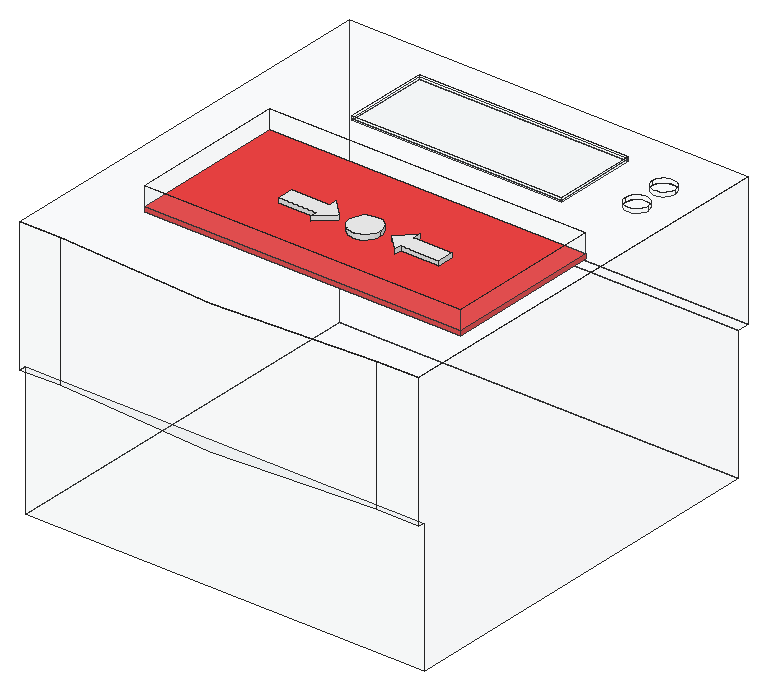
Revit family "Maxlogic  bouton de démarrage d'extinction", category Fire Alarm Devices, host Face, Revit 2021
Family settings
  Host = Face
  Maintain Annotation Orientation = Yes
  Round Connector Dimension = Use Diameter
  Part Type = Normal
  OmniClass Number = 23.85.30.21
  OmniClass Title = Environmental Detection/Registration
  Cut with Voids When Loaded = No
  Shared = No
  Room Calculation Point = No
Parameters (values of type "Maxlogic bouton de démarrage d'extinction")
  Poids = "140 gr."
  Boîtier de montage en surface étanche = ""
  Unité de durée de garantie = "Year"
  Durée de la garantie réservé = "2"
  Durée de la garantie Travail = "2"
  Version = ""
  URL = "https://www.mavili.com.tr/"
  Socle montage de Surlévé = ""
  Numéro de pose des travaux publics = "833-260"
  Couvercle de protection = "ML-0710"
  protection de Classe = "IP22D"
  Code de Produit = "ML-2710.MR"
  Numèro de Téléphone = "(+)90 216 466 45 05"
  Voltage de fonctionnement (default) = "24 V/DC"
  voltage fonction d'opération = "10-30 V/DC"
  Tempèrature de Fonctionnement = "(-10°C) - (+55°C)"
  Largeur Nominale = "58 mm"
  Longeur Nominale = "87 mm"
  Hauteur Nominale = "91 mm"
  Surface de Montage = "Montage à mur"
  Hauteur de Montage = "Hauteur  1,4m du sol (+/-200mm)"
  Model = "MaxLogic"
  Manufacturer = "Mavili Elektronik Ticaret A.Ş."
  Manuel d'installation = "https://mavilielektronik.com/Revit/ML2710MR_FR.pdf"
  Sortie d'indicateur = ""
  Numèro de Fax = "(+)90 216 466 45 10"
  Alimentation d'externe = ""
  E-Poste = "mavili@mavili.com.tr"
  Avertissement = ""
  Charger adresse d'appareil = ""
  Description = "bouton de démarrage d'extinction"
  Default Elevation = 0 mm
  Current de Consommation = ""
  Coût Unité = ""
  Cost = 0
  Socles Compatible = ""
  Couleur = "Jaune"
  Code de  Performance = "EN 12094-3"
  Matériel Principe = "Plastique Jaune ABS"
  Deuxime Matèriel = "Plastique"
  Adresse ligne 1 = "Şerifali Mahallesi Kutup Sokak No:27/1-2-4 Ümraniye TR-34775 İSTANBUL"
Reference planes
  plane 1 "Center (Front/Back)": y = 0
  plane 2: z = 0
  plane 3 "Center (Left/Right)": x = 0
Forms (mm)
  Extrusion 1, solid, material "Mavili sarı"
    sketch origin (0, 0, 0) x (1, 0, 0) y (0, 1, 0)
      loop
        line (0, 89.883) -> (0, 0) -> (8.74, 0)
        arc (8.74, 0) -> (43.246, -2.016) -> (77.752, 0) r 296.28
        line (77.752, 0) -> (87.027, 0) -> (87.027, 89.883) -> (0, 89.883)
    from 0 to 58
  Extrusion 2, void
    sketch origin (0, 0, 0) x (0, 1, 0) y (0, 0, 1)
      loop
        line (89.883, 29.005) -> (87.283, 29.005) -> (87.283, -4.106) -> (89.883, -4.106) -> (89.883, 29.005)
    from 0 to 90.479
  Extrusion 3, void
    sketch origin (0, 0, 0) x (0, 1, 0) y (0, 0, 1)
      loop
        line (-3.567, 28.975) -> (-3.567, -2.735) -> (1.471, -2.735) -> (1.471, 28.975) -> (-3.567, 28.975)
    from 0 to 87.027
  Extrusion 4, void
    sketch origin (0, 0, 58) x (0, 1, 0) y (1, 0, 0)
      loop
        line (57.252, 8.74) -> (57.252, 77.752) -> (22.919, 77.752) -> (22.919, 8.74) -> (57.252, 8.74)
    from 0 to 5
  Extrusion 5, solid, material "Render Material 255-0-0"
    sketch origin (0, 0, 53) x (0, 1, 0) y (-1, 0, 0)
      loop
        line (57.252, -8.74) -> (22.919, -8.74) -> (22.919, -77.752) -> (57.252, -77.752) -> (57.252, -8.74)
    from 0 to 1
  Extrusion 6, solid, material "Render Material 255-255-255"
    sketch origin (0, 0, 54) x (1, 0, 0) y (0, 1, 0)
      loop
        circle (43.246, 40.085) r 3.37
    from 0 to 1
  Extrusion 7, solid, material "Render Material 255-255-255"
    sketch origin (0, 0, 54) x (1, 0, 0) y (0, 1, 0)
      loop
        line (49.1, 40.085) -> (52.47, 36.715) -> (52.47, 38.309) -> (60.788, 38.309) -> (60.788, 41.861) -> (52.47, 41.861) -> (52.47, 43.455) -> (49.1, 40.085)
    from 0 to 1
  Extrusion 8, solid, material "Render Material 255-255-255"
    sketch origin (86.492, 0, 54) x (-1, 0, 0) y (0, -1, 0)
      loop
        line (49.1, -40.085) -> (52.47, -43.455) -> (52.47, -41.861) -> (60.788, -41.861) -> (60.788, -38.309) -> (52.47, -38.309) -> (52.47, -36.715) -> (49.1, -40.085)
    from 0 to 1
  Extrusion 9, void
    sketch origin (0, 0, 58) x (0, 1, 0) y (1, 0, 0)
      loop
        circle (78.518, 77.752) r 2.471
    from 0 to 1
  Extrusion 10, void
    sketch origin (0, -7.362, 58) x (0, 1, 0) y (1, 0, 0)
      loop
        circle (78.518, 77.752) r 2.471
    from 0 to 1
  Extrusion 11, void
    sketch origin (0, 0, 58) x (0, 1, 0) y (1, 0, 0)
      loop
        line (82.6, 21.063) -> (82.6, 66.836) -> (64.116, 66.836) -> (64.116, 21.063) -> (82.6, 21.063)
    from 0 to 1
  Extrusion 12, solid, material "Mavili sarı"
    sketch origin (0, 0, 57) x (0, 1, 0) y (-1, 0, 0)
      loop
        line (82.6, -21.063) -> (64.116, -21.063) -> (64.116, -66.836) -> (82.6, -66.836) -> (82.6, -21.063)
    from 0 to 0.5
Cuts and joins
  Extrusion 2, Extrusion 3, Extrusion 4, Extrusion 9, Extrusion 10, Extrusion 11 cuts Extrusion 1
Dimensions and locks
  aligned and locked: plane 2 to host face
  aligned and locked: level to host face
